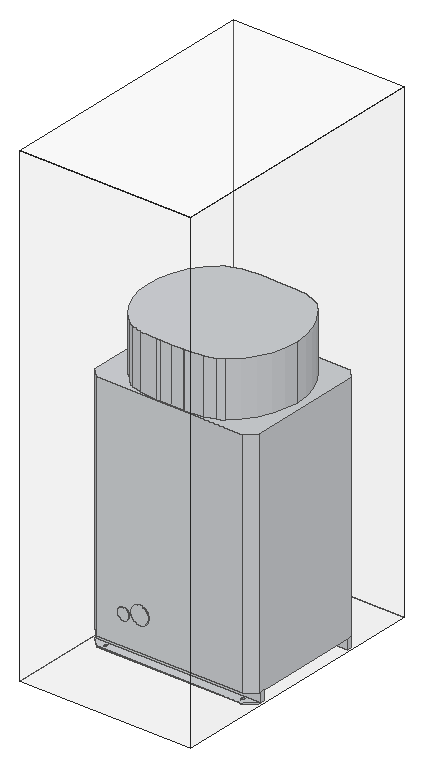
Revit family "室外機（高効率50Hz）_MEE修正", category 機械設備, Revit 2019 (continued)
Definition of nested family "筐体モジュール（高効率）"
  Lines and regions (mm)
    model lines, visible <- "ユニット234X", not visible, detail levels fine
      curve 237: line (460, -150.779, 1040.048) -> (460, -132.596, 1040.048)
      curve 238: line (460, -150.779, 818.931) -> (460, -150.779, 1040.048)
      curve 239: line (460, -132.596, 818.931) -> (460, -150.779, 818.931)
      curve 240: line (460, -132.596, 1040.048) -> (460, -132.596, 818.931)
      curve 241: line (460, 178.667, 802.923) -> (460, 297.73, 802.923)
      curve 242: line (460, 178.667, 569.8) -> (460, 178.667, 802.923)
      curve 243: line (460, 297.73, 569.8) -> (460, 178.667, 569.8)
      curve 244: line (460, 297.73, 802.923) -> (460, 297.73, 569.8)
      curve 245: line (460, 47.598, 802.923) -> (460, 166.661, 802.923)
      curve 246: line (460, 47.598, 569.8) -> (460, 47.598, 802.923)
      curve 247: line (460, 166.661, 569.8) -> (460, 47.598, 569.8)
      curve 248: line (460, 166.661, 802.923) -> (460, 166.661, 569.8)
      curve 249: line (460, -83.471, 802.923) -> (460, 35.592, 802.923)
      curve 250: line (460, -83.471, 569.8) -> (460, -83.471, 802.923)
      curve 251: line (460, 35.592, 569.8) -> (460, -83.471, 569.8)
      curve 252: line (460, 35.592, 802.923) -> (460, 35.592, 569.8)
      curve 253: line (460, -150.779, 802.923) -> (460, -95.75, 802.923)
      curve 254: line (460, -150.779, 569.8) -> (460, -150.779, 802.923)
      curve 255: line (460, -95.75, 569.8) -> (460, -150.779, 569.8)
      curve 256: line (460, -95.75, 802.923) -> (460, -95.75, 569.8)
      curve 257: line (460, -150.779, 796.92) -> (460, -132.596, 796.92)
      curve 258: line (460, -150.779, 575.803) -> (460, -150.779, 796.92)
      curve 259: line (460, -132.596, 575.803) -> (460, -150.779, 575.803)
      curve 260: line (460, -132.596, 796.92) -> (460, -132.596, 575.803)
      curve 261: line (460, 178.667, 559.795) -> (460, 297.73, 559.795)
      curve 262: line (460, 178.667, 326.672) -> (460, 178.667, 559.795)
      curve 263: line (460, 297.73, 326.672) -> (460, 178.667, 326.672)
      curve 264: line (460, 297.73, 559.795) -> (460, 297.73, 326.672)
      curve 265: line (460, 47.598, 559.795) -> (460, 166.661, 559.795)
      curve 266: line (460, 47.598, 326.672) -> (460, 47.598, 559.795)
      curve 267: line (460, 166.661, 326.672) -> (460, 47.598, 326.672)
      curve 268: line (460, 166.661, 559.795) -> (460, 166.661, 326.672)
      curve 269: line (460, -83.471, 559.795) -> (460, 35.592, 559.795)
      curve 270: line (460, -83.471, 326.672) -> (460, -83.471, 559.795)
      curve 271: line (460, 35.592, 326.672) -> (460, -83.471, 326.672)
      curve 272: line (460, 35.592, 559.795) -> (460, 35.592, 326.672)
      curve 273: line (460, -150.779, 559.795) -> (460, -95.75, 559.795)
      curve 274: line (460, -150.779, 326.672) -> (460, -150.779, 559.795)
      curve 275: line (460, -95.75, 326.672) -> (460, -150.779, 326.672)
      curve 276: line (460, -95.75, 559.795) -> (460, -95.75, 326.672)
      curve 277: line (460, -150.779, 553.792) -> (460, -132.596, 553.792)
      curve 278: line (460, -150.779, 332.675) -> (460, -150.779, 553.792)
      curve 279: line (460, -132.596, 332.675) -> (460, -150.779, 332.675)
      curve 280: line (460, -132.596, 553.792) -> (460, -132.596, 332.675)
      curve 281: line (460, 178.667, 316.667) -> (460, 297.73, 316.667)
      curve 282: line (460, 178.667, 83.544) -> (460, 178.667, 316.667)
      curve 283: line (460, 297.73, 83.544) -> (460, 178.667, 83.544)
      curve 284: line (460, 297.73, 316.667) -> (460, 297.73, 83.544)
      curve 285: line (460, 47.598, 316.667) -> (460, 166.661, 316.667)
      curve 286: line (460, 47.598, 83.544) -> (460, 47.598, 316.667)
      curve 287: line (460, 166.661, 83.544) -> (460, 47.598, 83.544)
      curve 288: line (460, 166.661, 316.667) -> (460, 166.661, 83.544)
      curve 289: line (460, -83.471, 316.667) -> (460, 35.592, 316.667)
      curve 290: line (460, -83.471, 83.544) -> (460, -83.471, 316.667)
      curve 291: line (460, 35.592, 83.544) -> (460, -83.471, 83.544)
      curve 292: line (460, 35.592, 316.667) -> (460, 35.592, 83.544)
      curve 293: line (460, -150.779, 316.667) -> (460, -95.75, 316.667)
      curve 294: line (460, -150.779, 83.544) -> (460, -150.779, 316.667)
      curve 295: line (460, -95.75, 83.544) -> (460, -150.779, 83.544)
      curve 296: line (460, -95.75, 316.667) -> (460, -95.75, 83.544)
      curve 297: line (460, -150.779, 310.664) -> (460, -132.596, 310.664)
      curve 298: line (460, -150.779, 89.547) -> (460, -150.779, 310.664)
      curve 299: line (460, -132.596, 89.547) -> (460, -150.779, 89.547)
      curve 300: line (460, -132.596, 310.664) -> (460, -132.596, 89.547)
    symbolic lines, visible <- "ユニット234X"
      curve 301: line (-408.343, 370, 0) -> (-460, 318.843, 0)
      curve 302: line (-460, 318.843, 0) -> (-460, -318.843, 0)
      curve 303: line (-460, -318.843, 0) -> (-408.343, -370, 0)
      curve 304: line (-408.343, -370, 0) -> (408.343, -370, 0)
      curve 305: line (408.343, -370, 0) -> (460, -318.843, 0)
      curve 306: line (460, -318.843, 0) -> (460, 318.843, 0)
      curve 307: line (460, 318.843, 0) -> (408.343, 370, 0)
      curve 308: line (408.343, 370, 0) -> (-408.343, 370, 0)
      curve 309: arc (-268.081, 316.106, 0) -> (-376.101, 174.18, 0) -> (-414.476, 0, 0) r 414.476
      curve 310: arc (-414.476, 0, 0) -> (-376.101, -174.18, 0) -> (-268.081, -316.106, 0) r 414.476
      curve 311: arc (-268.081, -316.106, 0) -> (-250.84, -327.278, 0) -> (-232.369, -336.274, 0) r 168.924
      curve 312: arc (-232.369, -336.274, 0) -> (-204.68, -346.28, 0) -> (-176.163, -353.601, 0) r 308.609
      curve 313: arc (-176.163, -353.601, 0) -> (-128.058, -361, 0) -> (-79.445, -363.367, 0) r 468.429
      curve 314: arc (-79.445, -363.367, 0) -> (-71.906, -363.425, 0) -> (-64.372, -363.142, 0) r 167.153
      curve 315: line (-64.372, -363.142, 0) -> (0, -363.142, 0)
      curve 316: line (0, -363.142, 0) -> (64.372, -363.142, 0)
      curve 317: arc (64.372, -363.142, 0) -> (71.906, -363.425, 0) -> (79.445, -363.367, 0) r 167.153
      curve 318: arc (79.445, -363.367, 0) -> (128.058, -361, 0) -> (176.163, -353.601, 0) r 468.429
      curve 319: arc (176.163, -353.601, 0) -> (204.68, -346.28, 0) -> (232.369, -336.274, 0) r 308.609
      curve 320: arc (232.369, -336.274, 0) -> (250.84, -327.278, 0) -> (268.081, -316.106, 0) r 168.924
      curve 321: arc (268.081, -316.106, 0) -> (376.101, -174.18, 0) -> (414.476, 0, 0) r 414.476
      curve 322: arc (414.476, 0, 0) -> (376.101, 174.18, 0) -> (268.082, 316.106, 0) r 414.476
      curve 323: arc (268.082, 316.106, 0) -> (250.84, 327.278, 0) -> (232.369, 336.274, 0) r 168.924
      curve 324: arc (232.369, 336.274, 0) -> (204.68, 346.28, 0) -> (176.163, 353.601, 0) r 308.609
      curve 325: arc (176.163, 353.601, 0) -> (128.058, 361, 0) -> (79.445, 363.367, 0) r 468.429
      curve 326: line (79.445, 363.367, 0) -> (0, 363.367, 0)
      curve 327: line (0, 363.367, 0) -> (-79.445, 363.367, 0)
      curve 328: arc (-79.445, 363.367, 0) -> (-128.058, 361, 0) -> (-176.163, 353.601, 0) r 468.429
      curve 329: arc (-176.163, 353.601, 0) -> (-204.68, 346.28, 0) -> (-232.369, 336.274, 0) r 308.609
      curve 330: arc (-232.369, 336.274, 0) -> (-250.974, 327.516, 0) -> (-268.081, 316.106, 0) r 138.853
  Dimensions and locks
    "Depth": plane 4 to plane 6
    equal spacing: plane 4, plane 1 "中心(正面/背面)", plane 6
    "W": plane 7 to plane 5
    equal spacing: plane 7, plane 3 "中心(左/右)", plane 5
    locked: plane 12 "本体下部" to plane 2 at 54
    plane 4 to plane 10 to plane 11 to plane 15 to plane 14 to plane 13 = 57 mm locked, 20 mm locked, 586 mm locked, 20 mm locked, 57 mm locked
    locked: plane 13 to plane 16 at 29.5
    locked: plane 4 to plane 19 at 29.5
    "冷媒液_Z": plane 20 "電源高さ" to level
    plane 9 to plane 8 = 303 mm
    plane 8 to plane 2 = 1347 mm
    "Height": plane 9 to plane 2
    "冷媒管径_Z": level to plane 24 "冷媒管高さ"
    locked: plane 7 to plane 17 at 80
    locked: plane 18 to plane 5 at 80
    locked: plane 12 "本体下部" to plane 25 "冷媒操作弁ガス芯4" at 1
    plane 19 to plane 10 to plane 11 = 27.5 mm, 20 mm
    plane 8 to level = 1347 mm
    equal spacing: plane 26, plane 3 "中心(左/右)", plane 27
    "Width": plane 26 to plane 27
    "冷媒ガス_X": plane 22 "冷媒操作弁液芯1" to plane 23 "冷媒操作弁ガス芯1"
    "冷媒液_X": plane 26 to plane 22 "冷媒操作弁液芯1"
    plane 16 to plane 14 to plane 15 = 27.5 mm, 20 mm
    "冷媒液_Y": plane 4 to plane 29
    "冷媒ガス_Y": plane 4 to plane 28
    "冷媒管径_X": plane 26 to plane 21
    "冷媒ガス_Z": plane 30 to level
    "冷媒管径_Y": plane 4 to plane 31
    "冷媒ガス管径": diameter of Extrusion 10 sketch curve
    "冷媒液管径": diameter of Extrusion 9 sketch curve
    "冷媒管径": diameter of Extrusion 8 sketch curve
    "冷媒管径": diameter of Extrusion 6 sketch curve
    aligned and locked: plane 5 to Extrusion 1
    aligned and locked: Extrusion 1 to plane 7
    aligned and locked: Extrusion 1 to plane 6
    aligned and locked: plane 4 to Extrusion 1
    aligned and locked: curve 103 to plane 7
    aligned and locked: curve 3 to plane 5
    aligned and locked: plane 11 to Extrusion 2 sketch curve
    aligned and locked: plane 7 to Extrusion 2 sketch curve
    aligned and locked: Extrusion 2 sketch curve to plane 10
    aligned and locked: Extrusion 2 sketch curve to plane 5
    aligned and locked: plane 13 to Extrusion 4
    aligned and locked: Extrusion 4 to plane 14
    aligned and locked: Extrusion 1 to plane 12 "本体下部"
    aligned and locked: plane 12 "本体下部" to Extrusion 1  (x2)
    aligned and locked: plane 8 to Extrusion 1
    aligned and locked: Extrusion 4 sketch curve to Extrusion 1  (x2)
    aligned and locked: plane 4 to Extrusion 5
    aligned and locked: plane 10 to Extrusion 2
    aligned and locked: plane 3 "中心(左/右)" to Extrusion 7 sketch curve
    aligned and locked: plane 12 "本体下部" to Extrusion 8
    aligned and locked: Extrusion 9 to plane 25 "冷媒操作弁ガス芯4"
    aligned and locked: plane 12 "本体下部" to Extrusion 9
    aligned and locked: plane 12 "本体下部" to Extrusion 10
    aligned and locked: Extrusion 9 to Extrusion 10
    aligned and locked: Extrusion 8 to Extrusion 9
    aligned and locked: plane 23 "冷媒操作弁ガス芯1" to Extrusion 10 sketch curve
    aligned and locked: plane 21 to Extrusion 8 sketch curve
    aligned and locked: plane 22 "冷媒操作弁液芯1" to Extrusion 9 sketch curve
    aligned and locked: plane 28 to Extrusion 10 sketch curve
    aligned and locked: plane 29 to Extrusion 9 sketch curve
    aligned and locked: plane 24 "冷媒管高さ" to Extrusion 6 sketch curve
    aligned and locked: plane 21 to Extrusion 6 sketch curve
    aligned and locked: plane 31 to Extrusion 8 sketch curve
    aligned and locked: plane 17 to nested 1
    aligned and locked: plane 16 to nested 1
    aligned and locked: nested 1 to plane 18
    aligned and locked: nested 1 to plane 19
    aligned and locked: Masking region 1 sketch curve to Extrusion 1  (x8)
    aligned and locked: curve 301 to Masking region 1
    aligned and locked: curve 302 to Masking region 1
    aligned and locked: curve 303 to Masking region 1
    aligned and locked: curve 304 to Masking region 1
    aligned and locked: curve 305 to Masking region 1
    aligned and locked: curve 306 to Masking region 1
    aligned and locked: curve 307 to Masking region 1
    aligned and locked: curve 308 to Masking region 1
    aligned and locked: curve 309 to Extrusion 7
    aligned and locked: curve 310 to Extrusion 7
    aligned and locked: curve 311 to Extrusion 7
    aligned and locked: curve 312 to Extrusion 7
    aligned and locked: curve 313 to Extrusion 7
    aligned and locked: curve 314 to Extrusion 7
    aligned and locked: curve 315 to Extrusion 7
    aligned and locked: curve 316 to Extrusion 7
    aligned and locked: curve 317 to Extrusion 7
    aligned and locked: curve 318 to Extrusion 7
    aligned and locked: curve 319 to Extrusion 7
    aligned and locked: curve 320 to Extrusion 7
    aligned and locked: curve 321 to Extrusion 7
    aligned and locked: curve 322 to Extrusion 7
    aligned and locked: curve 323 to Extrusion 7
    aligned and locked: curve 324 to Extrusion 7
    aligned and locked: curve 325 to Extrusion 7
    aligned and locked: curve 326 to Extrusion 7
    aligned and locked: curve 327 to Extrusion 7
    aligned and locked: curve 328 to Extrusion 7
    aligned and locked: curve 329 to Extrusion 7
    aligned and locked: curve 330 to Extrusion 7
  Automatic sketch dimensions
    Extrusion 1 sketch curve to plane 7 = 0 mm
    plane 6 to Extrusion 1 sketch curve = 0 mm
    plane 4 to Extrusion 1 sketch curve = 0 mm
    Extrusion 1 sketch curve to plane 5 = 0 mm
    plane 10 to Extrusion 1 sketch curve = 5.843 mm  (x2)
    plane 14 to Extrusion 1 sketch curve = 5.843 mm  (x2)
    Extrusion 3 sketch curve to plane 7 = 0 mm
    Extrusion 3 sketch curve to plane 5 = 0 mm
    Extrusion 3 sketch curve to plane 14 = 0 mm
    Extrusion 3 sketch curve to plane 15 = 0 mm
    Extrusion 4 sketch curve to plane 7 = 0 mm
    plane 6 to Extrusion 4 sketch curve = 0 mm
    Extrusion 4 sketch curve to plane 17 = 0 mm
    Extrusion 4 sketch curve to plane 18 = 0 mm
    Extrusion 4 sketch curve to plane 5 = 0 mm
    Extrusion 4 sketch curve to plane 14 = 0 mm
    Extrusion 4 sketch curve to plane 16 = 3 mm  (x2)
    plane 17 to Extrusion 4 sketch curve = 7 mm
    Extrusion 4 sketch curve to plane 18 = 7 mm
    plane 16 to Extrusion 4 sketch curve = 3 mm  (x2)
    Extrusion 5 sketch curve to plane 7 = 0 mm
    plane 4 to Extrusion 5 sketch curve = 0 mm
    Extrusion 5 sketch curve to plane 17 = 0 mm
    Extrusion 5 sketch curve to plane 18 = 0 mm
    Extrusion 5 sketch curve to plane 5 = 0 mm
    plane 10 to Extrusion 5 sketch curve = 0 mm
    plane 19 to Extrusion 5 sketch curve = 3 mm  (x2)
    Extrusion 5 sketch curve to plane 17 = 7 mm
    plane 18 to Extrusion 5 sketch curve = 7 mm
    Extrusion 5 sketch curve to plane 19 = 3 mm  (x2)
    plane 10 to Extrusion 5 sketch curve = 5.843 mm  (x2)
    Extrusion 1 sketch curve to plane 17 = 28.343 mm  (x2)
    Extrusion 5 sketch curve to plane 17 = 28.343 mm
    Extrusion 1 sketch curve to plane 18 = 28.343 mm  (x2)
    Extrusion 5 sketch curve to plane 18 = 28.343 mm
    Extrusion 7 sketch curve to Extrusion 7 sketch curve = 0 mm  (x3)
    plane 1 "中心(正面/背面)" to Extrusion 7 sketch curve = 0 mm  (x2)
    Extrusion 7 sketch curve to plane 3 "中心(左/右)" = 0 mm  (x3)
    Extrusion 7 sketch curve to plane 4 = 6.858 mm
    Extrusion 7 sketch curve to plane 3 "中心(左/右)" = 64.372 mm
    Extrusion 7 sketch curve to plane 3 "中心(左/右)" = 74.399 mm
    plane 6 to Extrusion 7 sketch curve = 6.633 mm
    Extrusion 7 sketch curve to plane 3 "中心(左/右)" = 79.445 mm
    Extrusion 7 sketch curve to plane 3 "中心(左/右)" = 80.998 mm  (x2)
    Extrusion 7 sketch curve to Extrusion 7 sketch curve = 64.372 mm
    plane 3 "中心(左/右)" to Extrusion 7 sketch curve = 74.399 mm
    Extrusion 7 sketch curve to Extrusion 7 sketch curve = 79.445 mm
    plane 3 "中心(左/右)" to Extrusion 7 sketch curve = 80.998 mm  (x2)
    Extrusion 7 sketch curve to Extrusion 7 sketch curve = 32.763 mm  (x4)
    Extrusion 7 sketch curve to Extrusion 7 sketch curve = 86.775 mm
    Extrusion 7 sketch curve to Extrusion 7 sketch curve = 93.374 mm  (x2)
    Extrusion 7 sketch curve to Extrusion 7 sketch curve = 91.232 mm  (x2)
    plane 1 "中心(正面/背面)" to Extrusion 7 sketch curve = 51.367 mm  (x2)
    Extrusion 7 sketch curve to plane 1 "中心(正面/背面)" = 51.367 mm  (x2)
    Extrusion 7 sketch curve to Extrusion 7 sketch curve = 53.692 mm  (x2)
    Extrusion 7 sketch curve to Extrusion 7 sketch curve = 75.129 mm
    Extrusion 7 sketch curve to Extrusion 7 sketch curve = 101.551 mm
    Extrusion 7 sketch curve to plane 4 = 6.633 mm  (x2)
    Extrusion 7 sketch curve to plane 19 = 4.226 mm  (x2)
    Extrusion 7 sketch curve to plane 16 = 4.226 mm  (x2)
    plane 14 to Extrusion 7 sketch curve = 3.106 mm
    plane 16 to Extrusion 7 sketch curve = 13.101 mm  (x2)
    plane 19 to Extrusion 7 sketch curve = 13.101 mm  (x2)
    plane 10 to Extrusion 7 sketch curve = 3.106 mm
    Extrusion 7 sketch curve to Extrusion 7 sketch curve = 101.697 mm
    Extrusion 7 sketch curve to Extrusion 7 sketch curve = 16.103 mm  (x2)
    Extrusion 7 sketch curve to plane 11 = 96.709 mm
    curve 326 to plane 3 "中心(左/右)" = 0 mm
    curve 315 to plane 3 "中心(左/右)" = 0 mm
  Nested families
    nested 1: "固定点" at (-380, -340.5, 0), visible <- "ユニット234X", type "固定点", detail levels fine
      with W 760 mm, D 681 mm
  Definition of nested family "固定点"
    Parameters (values of type "固定点")
      中心円 = 20 mm
      W [instance] = 1000 mm
      D [instance] = 1000 mm
    Reference planes
      plane 1 "中心(正面/背面)": y = 0
      plane 2: z = 0
      plane 3 "中心(左/右)": x = 0
      plane 4: x = 1000
      plane 5: y = 1000
    Lines and regions (mm)
      symbolic lines, detail levels fine
        curve 1: circle (0, 1000, 0) r 10 normal (0, 0, 1)
        curve 2: circle (0, 0, 0) r 10 normal (0, 0, 1)
        curve 3: circle (1000, 1000, 0) r 10 normal (0, 0, 1)
        curve 4: circle (1000, 0, 0) r 10 normal (0, 0, 1)
        curve 5: line (-200, 1000, 0) -> (1200, 1000, 0)
        curve 6: line (-200, 0, 0) -> (1200, 0, 0)
        curve 7: line (0, 1200, 0) -> (0, -200, 0)
        curve 8: line (1000, 1200, 0) -> (1000, -200, 0)
    Dimensions and locks
      "W": plane 3 "中心(左/右)" to plane 4
      "D": plane 1 "中心(正面/背面)" to plane 5
      "中心円": diameter of curve 1
      "中心円": diameter of curve 2
      "中心円": diameter of curve 3
      "中心円": diameter of curve 4
      aligned and locked: level to plane 2
      aligned and locked: plane 5 to curve 1
      aligned and locked: plane 3 "中心(左/右)" to curve 1
      aligned and locked: plane 3 "中心(左/右)" to curve 2
      aligned and locked: plane 1 "中心(正面/背面)" to curve 2
      aligned and locked: plane 4 to curve 3
      aligned and locked: plane 5 to curve 3
      aligned and locked: plane 1 "中心(正面/背面)" to curve 4
      aligned and locked: plane 4 to curve 4
      aligned and locked: plane 1 "中心(正面/背面)" to curve 6
      aligned and locked: curve 7 to plane 3 "中心(左/右)"
      aligned and locked: curve 8 to plane 4
    Automatic sketch dimensions
      curve 5 to plane 5 = 0 mm
      curve 6 to plane 3 "中心(左/右)" = 200 mm
      curve 5 to plane 3 "中心(左/右)" = 200 mm
      curve 4 to curve 6 = 200 mm
      curve 3 to curve 5 = 200 mm
      plane 1 "中心(正面/背面)" to curve 8 = 200 mm
      plane 1 "中心(正面/背面)" to curve 7 = 200 mm
      curve 3 to curve 8 = 200 mm
      curve 1 to curve 7 = 200 mm
Types (45, lengths in mm): name | 風量（m3／min） | 風量 | 音響パワーレベル(dB) | 電源位置2X（ユニット3） | 電源位置2X（ユニット2） | 電源位置2X（ユニット1） | 電源位置1X（ユニット3） | 電源位置1X（ユニット2） | 電源位置1X（ユニット1） | 電動機出力_送風機 | 電動機出力_圧縮機 | 消費電力_暖房 | 消費電力_冷房 | 消費電力 | 最小電線太さ_mm2 | 暖房能力 | 推奨ブレーカー容量 | 参照している仕様書等のバージョン | 冷房能力 | 冷媒管（液）位置2 (ユニット3) | 冷媒管（液）位置2 (ユニット2) | 冷媒管（液）位置1 (ユニット3） | 冷媒管（ガス）位置2 (ユニット3) | 冷媒管（ガス）位置2 (ユニット2) | 冷媒管（液）位置1 (ユニット1) | 冷媒管（液）位置2 (ユニット1) | 冷媒管（ガス）位置2 (ユニット1) | 冷媒管（液）位置1 (ユニット2） | 冷媒管径符号 | 冷媒管位置3 (ユニット3) | 冷媒管位置3 (ユニット2) | 冷媒管位置3 (ユニット1) | 冷媒管位置2 (ユニット3) | 冷媒管位置2 (ユニット2) | 冷媒管位置1 (ユニット2) | 冷媒管位置2 (ユニット1) | 冷媒管位置1 (ユニット3) | 冷媒管位置1 (ユニット1) | 冷媒液管径3 | 冷媒液管径2 | 冷媒液管径 | 冷媒ガス管径3 | 冷媒ガス管径2 | 冷媒ガス管径 | ユニット隙間 | ユニット数 | ユニットタイプ3 | ユニットタイプ2 | ユニットタイプ1 | ユニット3 | ユニット2 | モデル | サービススペース_タイプA | アンカーボルト位置X（ユニット3） | アンカーボルト位置X（ユニット2） | アンカーボルト位置X（ユニット1） | Width3 | Width2 | Width1 | Width | URL | MAX風量 | Clearance Right | Clearance Left | Clearance Back | APF
  (no name) | 165 | 9900.0 m³/h | 76.5 | 177 | 177 | 177 | 201 | 201 | 201 | 0.35 kW | 5.24 kW | 6.4 kW | 6.46 kW | 6.46 kW | 8 | 25 kW | 100 A | "公共建築工事標準仕様書（機械設備工事編）平成31年度版" | 22.4 kW | 147 | 147 | 251 | 137 | 137 | 251 | 147 | 137 | 251 | "Be" | 242 | 242 | 242 | 142 | 142 | 292.5 | 142 | 292.5 | 292.5 | 9.52 | 9.52 | 9.52 | 19.05 | 19.05 | 19.05 | 30 | 1 | 筐体モジュール（高効率） : 224筐体 | 筐体モジュール（高効率） : 224筐体 | 筐体モジュール（高効率） : 224筐体 | no | no | "PUHY-P224DMG7" | yes | 760 | 760 | 760 | 920 | 920 | 920 | 920 | "https://www.mitsubishielectric.co.jp/ldg/wink/ssl/displayProduct.do?pid=307651" | 9900.0 m³/h | 15 | 15 | 300 | 5.5
  PUHY-P224DMG7_タイプA | 165 | 9900.0 m³/h | 76.5 | 177 | 177 | 177 | 201 | 201 | 201 | 0.35 kW | 5.24 kW | 6.4 kW | 6.46 kW | 6.46 kW | 8 | 25 kW | 100 A | "公共建築工事標準仕様書（機械設備工事編）平成31年度版" | 22.4 kW | 147 | 147 | 251 | 137 | 137 | 251 | 147 | 137 | 251 | "Be" | 242 | 242 | 242 | 142 | 142 | 292.5 | 142 | 292.5 | 292.5 | 9.52 | 9.52 | 9.52 | 19.05 | 19.05 | 19.05 | 30 | 1 | 筐体モジュール（高効率） : 224筐体 | 筐体モジュール（高効率） : 224筐体 | 筐体モジュール（高効率） : 224筐体 | no | no | "PUHY-P224DMG7" | yes | 760 | 760 | 760 | 920 | 920 | 920 | 920 | "https://www.mitsubishielectric.co.jp/ldg/wink/ssl/displayProduct.do?pid=307651" | 9900.0 m³/h | 15 | 15 | 300 | 5.5
  PUHY-P280DMG7_タイプA | 185 | 11100.0 m³/h | 80.5 | 177 | 177 | 177 | 201 | 201 | 201 | 0.46 kW | 7.47 kW | 8.6 kW | 9.33 kW | 9.33 kW | 14 | 31.5 kW | 100 A | "公共建築工事標準仕様書（機械設備工事編）平成31年度版" | 28 kW | 147 | 147 | 251 | 145 | 145 | 251 | 147 | 145 | 251 | "Bf" | 197 | 197 | 197 | 146 | 146 | 292.5 | 146 | 292.5 | 292.5 | 9.52 | 9.52 | 9.52 | 22.20 | 22.20 | 22.20 | 30 | 1 | 筐体モジュール（高効率） : 280筐体 | 筐体モジュール（高効率） : 280筐体 | 筐体モジュール（高効率） : 280筐体 | no | no | "PUHY-P280DMG7" | yes | 760 | 760 | 760 | 920 | 920 | 920 | 920 | "https://www.mitsubishielectric.co.jp/ldg/wink/ssl/displayProduct.do?pid=307654" | 11100.0 m³/h | 15 | 15 | 300 | 5.3
  PUHY-P335DMG7_タイプA | 185 | 11100.0 m³/h | 81 | 177 | 177 | 177 | 201 | 201 | 201 | 0.46 kW | 8.19 kW | 10 kW | 9.65 kW | 10 kW | 22 | 37.5 kW | 125 A | "公共建築工事標準仕様書（機械設備工事編）平成31年度版" | 33.5 kW | 143 | 143 | 251 | 145 | 145 | 251 | 143 | 145 | 251 | "Bf" | 197.5 | 197.5 | 197.5 | 144 | 144 | 292.5 | 144 | 292.5 | 292.5 | 9.52 | 9.52 | 9.52 | 22.20 | 22.20 | 22.20 | 30 | 1 | 筐体モジュール（高効率） : 335筐体 | 筐体モジュール（高効率） : 335筐体 | 筐体モジュール（高効率） : 335筐体 | no | no | "PUHY-P335DMG7" | yes | 760 | 760 | 760 | 920 | 920 | 920 | 920 | "https://www.mitsubishielectric.co.jp/ldg/wink/ssl/displayProduct.do?pid=307657" | 11100.0 m³/h | 15 | 15 | 300 | 5.6
  PUHY-P400DMG7_タイプA | 210 | 12600.0 m³/h | 82.5 | 227 | 227 | 227 | 251 | 251 | 251 | 0.46 kW | 10.7 kW | 12.7 kW | 12.7 kW | 12.7 kW | 22 | 45 kW | 125 A | "公共建築工事標準仕様書（機械設備工事編）平成31年度版" | 40 kW | 143 | 143 | 301 | 145 | 145 | 301 | 143 | 145 | 301 | "Cg" | 197.5 | 197.5 | 197.5 | 144 | 144 | 342.5 | 144 | 342.5 | 342.5 | 12.70 | 12.70 | 12.70 | 25.40 | 25.40 | 25.40 | 30 | 1 | 筐体モジュール（高効率） : 400筐体 | 筐体モジュール（高効率） : 400筐体 | 筐体モジュール（高効率） : 400筐体 | no | no | "PUHY-P400DMG7" | yes | 1060 | 1060 | 1060 | 1220 | 1220 | 1220 | 1220 | "https://www.mitsubishielectric.co.jp/ldg/wink/ssl/displayProduct.do?pid=307660" | 12600.0 m³/h | 15 | 15 | 300 | 5.5
  PUHY-P450DMG7_タイプA | 210 | 12600.0 m³/h | 86 | 227 | 227 | 227 | 251 | 251 | 251 | 0.65 kW | 13.6 kW | 12.2 kW | 16.9 kW | 16.9 kW | 38 | 45 kW | 125 A | "公共建築工事標準仕様書（機械設備工事編）平成31年度版" | 45 kW | 144 | 144 | 301 | 145 | 145 | 301 | 144 | 145 | 301 | "Ch" | 205 | 205 | 205 | 144.5 | 144.5 | 342.5 | 144.5 | 342.5 | 342.5 | 12.70 | 12.70 | 12.70 | 28.58 | 28.58 | 28.58 | 30 | 1 | 筐体モジュール（高効率） : 450筐体 | 筐体モジュール（高効率） : 450筐体 | 筐体モジュール（高効率） : 450筐体 | no | no | "PUHY-P450DMG7" | yes | 1060 | 1060 | 1060 | 1220 | 1220 | 1220 | 1220 | "https://www.mitsubishielectric.co.jp/ldg/wink/ssl/displayProduct.do?pid=307663" | 12600.0 m³/h | 15 | 15 | 300 | 5.4
  PUHY-P500DMG7_タイプA | 360 | 21600.0 m³/h | 85.5 | 516 | 516 | 516 | 541 | 541 | 541 | 0.92 kW | 15.2 kW | 15.4 kW | 18.5 kW | 18.5 kW | 38 | 56 kW | 150 A | "公共建築工事標準仕様書（機械設備工事編）平成31年度版" | 50 kW | 147 | 147 | 251 | 137 | 137 | 590 | 144 | 145 | 251 | "Dh" | 242 | 242 | 205 | 142 | 142 | 292.5 | 144.5 | 292.5 | 631.5 | 9.52 | 9.52 | 15.88 | 19.05 | 19.05 | 28.58 | 30 | 1 | 筐体モジュール（高効率） : 224筐体 | 筐体モジュール（高効率） : 224筐体 | 筐体モジュール.（高効率） : 500筐体 | no | no | "PUHY-P500DMG7" | yes | 795 | 795 | 795 | 920 | 920 | 1750 | 1750 | "https://www.mitsubishielectric.co.jp/ldg/wink/ssl/displayProduct.do?pid=307666" | 21600.0 m³/h | 15 | 15 | 300 | 5
  PUHY-P560DMG7_タイプA | 380 | 22800.0 m³/h | 85.5 | 516 | 516 | 516 | 541 | 541 | 541 | 1.1 kW | 16.5 kW | 18.2 kW | 20.3 kW | 20.3 kW | 38 | 63 kW | 150 A | "公共建築工事標準仕様書（機械設備工事編）平成31年度版" | 56 kW | 147 | 147 | 251 | 137 | 137 | 590 | 144 | 145 | 251 | "Dh" | 242 | 242 | 205 | 142 | 142 | 292.5 | 144.5 | 292.5 | 631.5 | 9.52 | 9.52 | 15.88 | 19.05 | 19.05 | 28.58 | 30 | 1 | 筐体モジュール（高効率） : 224筐体 | 筐体モジュール（高効率） : 224筐体 | 筐体モジュール.（高効率） : 560筐体 | no | no | "PUHY-P560DMG7" | yes | 795 | 795 | 795 | 920 | 920 | 1750 | 1750 | "https://www.mitsubishielectric.co.jp/ldg/wink/ssl/displayProduct.do?pid=307669" | 22800.0 m³/h | 15 | 15 | 300 | 4.7
  PUHY-P630DMG7_タイプA | 370 | 22200.0 m³/h | 84 | 177 | 177 | 177 | 201 | 201 | 201 | 0.92 kW | 15.66 kW | 8.7 kW | 20 kW | 20 kW | 38 | 69 kW | 150 A | "公共建築工事標準仕様書（機械設備工事編）平成31年度版" | 63 kW | 147 | 147 | 251 | 145 | 145 | 251 | 143 | 145 | 251 | "Dh" | 197 | 197 | 197.5 | 146 | 146 | 292.5 | 144 | 292.5 | 292.5 | 9.52 | 9.52 | 12.70 | 22.20 | 22.20 | 25.40 | 30 | 2 | 筐体モジュール（高効率） : 280筐体 | 筐体モジュール（高効率） : 280筐体 | 筐体モジュール（高効率） : 335筐体 | no | yes | "PUHY-P630DMG7" | yes | 760 | 760 | 760 | 920 | 920 | 920 | 1870 | "https://www.mitsubishielectric.co.jp/ldg/wink/ssl/displayProduct.do?pid=307672" | 22200.0 m³/h | 15 | 15 | 300 | 5.5
  PUHY-P670DMG7_タイプA | 370 | 22200.0 m³/h | 84 | 177 | 177 | 177 | 201 | 201 | 201 | 0.92 kW | 16.38 kW | 21.2 kW | 19.8 kW | 21.2 kW | 60 | 77.5 kW | 150 A | "公共建築工事標準仕様書（機械設備工事編）平成31年度版" | 67 kW | 143 | 143 | 251 | 145 | 145 | 251 | 143 | 145 | 251 | "Dh" | 197.5 | 197.5 | 197.5 | 144 | 144 | 292.5 | 144 | 292.5 | 292.5 | 12.70 | 12.70 | 12.70 | 25.40 | 25.40 | 25.40 | 30 | 2 | 筐体モジュール（高効率） : 335筐体 | 筐体モジュール（高効率） : 335筐体 | 筐体モジュール（高効率） : 335筐体 | no | yes | "PUHY-P670DMG7" | yes | 760 | 760 | 760 | 920 | 920 | 920 | 1870 | "https://www.mitsubishielectric.co.jp/ldg/wink/ssl/displayProduct.do?pid=307674" | 22200.0 m³/h | 15 | 15 | 300 | 5.6
  PUHY-P730DMG7_タイプA | 395 | 23700.0 m³/h | 85 | 177 | 177 | 227 | 201 | 201 | 251 | 0.92 kW | 18.89 kW | 23.3 kW | 22.7 kW | 23.3 kW | 60 | 82.5 kW | 175 A | "公共建築工事標準仕様書（機械設備工事編）平成31年度版" | 73 kW | 143 | 143 | 251 | 145 | 145 | 301 | 143 | 145 | 251 | "Dh" | 197.5 | 197.5 | 197.5 | 144 | 144 | 292.5 | 144 | 292.5 | 342.5 | 12.70 | 12.70 | 12.70 | 25.40 | 25.40 | 25.40 | 30 | 2 | 筐体モジュール（高効率） : 335筐体 | 筐体モジュール（高効率） : 335筐体 | 筐体モジュール（高効率） : 400筐体 | no | yes | "PUHY-P730DMG7" | yes | 760 | 760 | 1060 | 920 | 920 | 1220 | 2170 | "https://www.mitsubishielectric.co.jp/ldg/wink/ssl/displayProduct.do?pid=307618" | 23700.0 m³/h | 15 | 15 | 300 | 5.6
  PUHY-P775DMG7_タイプA | 420 | 25200.0 m³/h | 85.5 | 227 | 227 | 227 | 251 | 251 | 251 | 0.92 kW | 21.4 kW | 26.4 kW | 25.5 kW | 26.4 kW | 60 | 90 kW | 175 A | "公共建築工事標準仕様書（機械設備工事編）平成31年度版" | 77.5 kW | 143 | 143 | 301 | 145 | 145 | 301 | 143 | 145 | 301 | "Ei" | 197.5 | 197.5 | 197.5 | 144 | 144 | 342.5 | 144 | 342.5 | 342.5 | 12.70 | 12.70 | 12.70 | 25.40 | 25.40 | 25.40 | 30 | 2 | 筐体モジュール（高効率） : 400筐体 | 筐体モジュール（高効率） : 400筐体 | 筐体モジュール（高効率） : 400筐体 | no | yes | "PUHY-P775DMG7" | yes | 1060 | 1060 | 1060 | 1220 | 1220 | 1220 | 2470 | "https://www.mitsubishielectric.co.jp/ldg/wink/ssl/displayProduct.do?pid=307621" | 25200.0 m³/h | 15 | 15 | 300 | 5.5
  PUHY-P850DMG7_タイプA | 440 | 26400.0 m³/h | 88.5 | 227 | 227 | 227 | 251 | 251 | 251 | 1.11 kW | 24.3 kW | 27.2 kW | 30.4 kW | 30.4 kW | 100 | 95 kW | 175 A | "公共建築工事標準仕様書（機械設備工事編）平成31年度版" | 85 kW | 143 | 143 | 301 | 145 | 145 | 301 | 144 | 145 | 301 | "Ei" | 197.5 | 197.5 | 205 | 144 | 144 | 342.5 | 144.5 | 342.5 | 342.5 | 12.70 | 12.70 | 15.88 | 25.40 | 25.40 | 28.58 | 30 | 2 | 筐体モジュール（高効率） : 400筐体 | 筐体モジュール（高効率） : 400筐体 | 筐体モジュール（高効率） : 450筐体 | no | yes | "PUHY-P850DMG7" | yes | 1060 | 1060 | 1060 | 1220 | 1220 | 1220 | 2470 | "https://www.mitsubishielectric.co.jp/ldg/wink/ssl/displayProduct.do?pid=307624" | 26400.0 m³/h | 15 | 15 | 300 | 5.5
  PUHY-P900DMG7_タイプA | 460 | 27600.0 m³/h | 90 | 227 | 227 | 227 | 251 | 251 | 251 | 1.3 kW | 27.2 kW | 27.9 kW | 34.8 kW | 34.8 kW | 100 | 100 kW | 175 A | "公共建築工事標準仕様書（機械設備工事編）平成31年度版" | 90 kW | 144 | 144 | 301 | 145 | 145 | 301 | 144 | 145 | 301 | "Ei" | 205 | 205 | 205 | 144.5 | 144.5 | 342.5 | 144.5 | 342.5 | 342.5 | 15.88 | 15.88 | 15.88 | 28.58 | 28.58 | 28.58 | 30 | 2 | 筐体モジュール（高効率） : 450筐体 | 筐体モジュール（高効率） : 450筐体 | 筐体モジュール（高効率） : 450筐体 | no | yes | "PUHY-P900DMG7" | yes | 1060 | 1060 | 1060 | 1220 | 1220 | 1220 | 2470 | "https://www.mitsubishielectric.co.jp/ldg/wink/ssl/displayProduct.do?pid=307627" | 27600.0 m³/h | 15 | 15 | 300 | 5.4
  PUHY-P950DMG7_タイプA | 590 | 35400.0 m³/h | 89.5 | 227 | 227 | 516 | 251 | 251 | 541 | 1.57 kW | 28.8 kW | 29.7 kW | 36.4 kW | 36.4 kW | 100 | 106 kW | 175 A | "公共建築工事標準仕様書（機械設備工事編）平成31年度版" | 95 kW | 144 | 144 | 301 | 145 | 145 | 590 | 144 | 145 | 301 | "Ek" | 205 | 205 | 205 | 144.5 | 144.5 | 342.5 | 144.5 | 342.5 | 631.5 | 15.88 | 15.88 | 15.88 | 28.58 | 28.58 | 28.58 | 30 | 2 | 筐体モジュール（高効率） : 450筐体 | 筐体モジュール（高効率） : 450筐体 | 筐体モジュール.（高効率） : 500筐体 | no | yes | "PUHY-P950DMG7" | yes | 1060 | 1060 | 795 | 1220 | 1220 | 1750 | 3000 | "https://www.mitsubishielectric.co.jp/ldg/wink/ssl/displayProduct.do?pid=307630" | 35400.0 m³/h | 15 | 15 | 300 | 5.2
  PUHY-P1000DMG7_タイプA | 720 | 43200.0 m³/h | 88.5 | 177 | 516 | 516 | 201 | 541 | 541 | 1.84 kW | 30.4 kW | 30.2 kW | 36.6 kW | 36.6 kW | 100 | 112 kW | 0 A | "公共建築物標準仕様書（機械設備工事編）平成31年度版" | 100 kW | 147 | 144 | 251 | 137 | 145 | 590 | 144 | 145 | 590 | "Ei" | 242 | 205 | 205 | 142 | 144.5 | 631.5 | 144.5 | 292.5 | 631.5 | 9.52 | 15.88 | 15.88 | 19.05 | 28.58 | 28.58 | 30 | 2 | 筐体モジュール（高効率） : 224筐体 | 筐体モジュール.（高効率） : 500筐体 | 筐体モジュール.（高効率） : 500筐体 | no | yes | "PUHY-P1000DMG7" | yes | 760 | 795 | 795 | 920 | 1750 | 1750 | 3530 | "https://www.mitsubishielectric.co.jp/ldg/wink/ssl/displayProduct.do?pid=307495" | 43200.0 m³/h | 15 | 15 | 300 | 5
  PUHY-P1060DMG7_タイプA | 600 | 36000.0 m³/h | 89 | 177 | 177 | 227 | 201 | 201 | 251 | 1.57 kW | 29.26 kW | 32.4 kW | 36.4 kW | 36.4 kW | 100 | 118 kW | 0 A | "公共建築物標準仕様書（機械設備工事編）平成31年度版" | 106 kW | 147 | 143 | 251 | 145 | 145 | 301 | 144 | 145 | 251 | "Ei" | 197 | 197.5 | 205 | 146 | 144 | 292.5 | 144.5 | 292.5 | 342.5 | 9.52 | 12.70 | 15.88 | 22.20 | 25.40 | 28.58 | 30 | 3 | 筐体モジュール（高効率） : 280筐体 | 筐体モジュール（高効率） : 335筐体 | 筐体モジュール（高効率） : 450筐体 | yes | yes | "PUHY-P1060DMG7" | yes | 760 | 760 | 1060 | 920 | 920 | 1220 | 3120 | "https://www.mitsubishielectric.co.jp/ldg/wink/ssl/displayProduct.do?pid=307635" | 36000.0 m³/h | 15 | 15 | 300 | 5.4
  PUHY-P1120DMG7_タイプA | 600 | 36000.0 m³/h | 89 | 177 | 177 | 227 | 201 | 201 | 251 | 1.57 kW | 29.98 kW | 34.5 kW | 36.7 kW | 36.7 kW | 100 | 125 kW | 0 A | "公共建築物標準仕様書（機械設備工事編）平成31年度版" | 112 kW | 143 | 143 | 251 | 145 | 145 | 301 | 144 | 145 | 251 | "Ei" | 197.5 | 197.5 | 205 | 144 | 144 | 292.5 | 144.5 | 292.5 | 342.5 | 12.70 | 12.70 | 15.88 | 25.40 | 25.40 | 28.58 | 30 | 3 | 筐体モジュール（高効率） : 335筐体 | 筐体モジュール（高効率） : 335筐体 | 筐体モジュール（高効率） : 450筐体 | yes | yes | "PUHY-P1120DMG7" | yes | 760 | 760 | 1060 | 920 | 920 | 1220 | 3120 | "https://www.mitsubishielectric.co.jp/ldg/wink/ssl/displayProduct.do?pid=307637" | 36000.0 m³/h | 15 | 15 | 300 | 5.5
  PUHY-P1180DMG7_タイプA | 625 | 37500.0 m³/h | 89.5 | 177 | 227 | 227 | 201 | 251 | 251 | 1.57 kW | 32.49 kW | 37.3 kW | 39.8 kW | 39.8 kW | 100 | 132 kW | 0 A | "公共建築物標準仕様書（機械設備工事編）平成31年度版" | 118 kW | 143 | 143 | 251 | 145 | 145 | 301 | 144 | 145 | 301 | "Ei" | 197.5 | 197.5 | 205 | 144 | 144 | 342.5 | 144.5 | 292.5 | 342.5 | 12.70 | 12.70 | 15.88 | 25.40 | 25.40 | 28.58 | 30 | 3 | 筐体モジュール（高効率） : 335筐体 | 筐体モジュール（高効率） : 400筐体 | 筐体モジュール（高効率） : 450筐体 | yes | yes | "PUHY-P1180DMG7" | yes | 760 | 1060 | 1060 | 920 | 1220 | 1220 | 3420 | "https://www.mitsubishielectric.co.jp/ldg/wink/ssl/displayProduct.do?pid=307497" | 37500.0 m³/h | 15 | 15 | 300 | 5.5
  PUHY-P1220DMG7_タイプA | 650 | 39000.0 m³/h | 89.5 | 227 | 227 | 227 | 251 | 251 | 251 | 1.57 kW | 35 kW | 40.3 kW | 42.4 kW | 42.4 kW | 150 | 140 kW | 0 A | "公共建築物標準仕様書（機械設備工事編）平成31年度版" | 122 kW | 143 | 143 | 301 | 145 | 145 | 301 | 144 | 145 | 301 | "Ei" | 197.5 | 197.5 | 205 | 144 | 144 | 342.5 | 144.5 | 342.5 | 342.5 | 12.70 | 12.70 | 15.88 | 25.40 | 25.40 | 28.58 | 30 | 3 | 筐体モジュール（高効率） : 400筐体 | 筐体モジュール（高効率） : 400筐体 | 筐体モジュール（高効率） : 450筐体 | yes | yes | "PUHY-P1220DMG7" | yes | 1060 | 1060 | 1060 | 1220 | 1220 | 1220 | 3720 | "https://www.mitsubishielectric.co.jp/ldg/wink/ssl/displayProduct.do?pid=307642" | 39000.0 m³/h | 15 | 15 | 300 | 5.5
  PUHY-P1280DMG7_タイプA | 670 | 40200.0 m³/h | 91 | 227 | 227 | 227 | 251 | 251 | 251 | 1.76 kW | 37.9 kW | 41.3 kW | 46.9 kW | 46.9 kW | 150 | 145 kW | 0 A | "公共建築物標準仕様書（機械設備工事編）平成31年度版" | 128 kW | 143 | 144 | 301 | 145 | 145 | 301 | 144 | 145 | 301 | "Ei" | 197.5 | 205 | 205 | 144 | 144.5 | 342.5 | 144.5 | 342.5 | 342.5 | 12.70 | 15.88 | 15.88 | 25.40 | 28.58 | 28.58 | 30 | 3 | 筐体モジュール（高効率） : 400筐体 | 筐体モジュール（高効率） : 450筐体 | 筐体モジュール（高効率） : 450筐体 | yes | yes | "PUHY-P1280DMG7" | yes | 1060 | 1060 | 1060 | 1220 | 1220 | 1220 | 3720 | "https://www.mitsubishielectric.co.jp/ldg/wink/ssl/displayProduct.do?pid=307644" | 40200.0 m³/h | 15 | 15 | 300 | 5.4
  PUHY-P1360DMG7_タイプA | 690 | 41400.0 m³/h | 92 | 227 | 227 | 227 | 251 | 251 | 251 | 1.95 kW | 40.8 kW | 42.1 kW | 52.7 kW | 52.7 kW | 150 | 150 kW | 0 A | "公共建築物標準仕様書（機械設備工事編）平成31年度版" | 136 kW | 144 | 144 | 301 | 145 | 145 | 301 | 144 | 145 | 301 | "Ei" | 205 | 205 | 205 | 144.5 | 144.5 | 342.5 | 144.5 | 342.5 | 342.5 | 15.88 | 15.88 | 15.88 | 28.58 | 28.58 | 28.58 | 30 | 3 | 筐体モジュール（高効率） : 450筐体 | 筐体モジュール（高効率） : 450筐体 | 筐体モジュール（高効率） : 450筐体 | yes | yes | "PUHY-P1360DMG7" | yes | 1060 | 1060 | 1060 | 1220 | 1220 | 1220 | 3720 | "https://www.mitsubishielectric.co.jp/ldg/wink/ssl/displayProduct.do?pid=307499" | 41400.0 m³/h | 15 | 15 | 300 | 5.4
  PUHY-P1400DMG7_タイプA | 820 | 49200.0 m³/h | 91.5 | 227 | 227 | 516 | 251 | 251 | 541 | 2.22 kW | 42.4 kW | 43.4 kW | 53.8 kW | 53.8 kW | 150 | 155 kW | 0 A | "公共建築工事標準仕様書（機械設備工事編）平成31年度版" | 140 kW | 144 | 144 | 301 | 145 | 145 | 590 | 144 | 145 | 301 | "Ei" | 205 | 205 | 205 | 144.5 | 144.5 | 342.5 | 144.5 | 342.5 | 631.5 | 15.88 | 15.88 | 15.88 | 28.58 | 28.58 | 28.58 | 30 | 3 | 筐体モジュール（高効率） : 450筐体 | 筐体モジュール（高効率） : 450筐体 | 筐体モジュール.（高効率） : 500筐体 | yes | yes | "PUHY-P1400DMG7" | yes | 1060 | 1060 | 795 | 1220 | 1220 | 1750 | 4250 | "https://www.mitsubishielectric.co.jp/ldg/wink/ssl/displayProduct.do?pid=307649" | 49200.0 m³/h | 15 | 15 | 300 | 5.3
  PUHY-P1000DMG7_タイプB | 720 | 43200.0 m³/h | 88.5 | 177 | 516 | 516 | 201 | 541 | 541 | 1.84 kW | 30.4 kW | 30.2 kW | 36.6 kW | 36.6 kW | 100 | 112 kW | 0 A | "公共建築物標準仕様書（機械設備工事編）平成31年度版" | 100 kW | 147 | 144 | 251 | 137 | 145 | 590 | 144 | 145 | 590 | "Ei" | 242 | 205 | 205 | 142 | 144.5 | 631.5 | 144.5 | 292.5 | 631.5 | 9.52 | 15.88 | 15.88 | 19.05 | 28.58 | 28.58 | 100 | 2 | 筐体モジュール（高効率） : 224筐体 | 筐体モジュール.（高効率） : 500筐体 | 筐体モジュール.（高効率） : 500筐体 | no | yes | "PUHY-P1000DMG7" | no | 760 | 795 | 795 | 920 | 1750 | 1750 | 3600 | "https://www.mitsubishielectric.co.jp/ldg/wink/ssl/displayProduct.do?pid=307495" | 43200.0 m³/h | 50 | 50 | 100 | 5
  PUHY-P1060DMG7_タイプB | 600 | 36000.0 m³/h | 89 | 177 | 177 | 227 | 201 | 201 | 251 | 1.57 kW | 29.26 kW | 32.4 kW | 36.4 kW | 36.4 kW | 100 | 118 kW | 0 A | "公共建築物標準仕様書（機械設備工事編）平成31年度版" | 106 kW | 147 | 143 | 251 | 145 | 145 | 301 | 144 | 145 | 251 | "Ei" | 197 | 197.5 | 205 | 146 | 144 | 292.5 | 144.5 | 292.5 | 342.5 | 9.52 | 12.70 | 15.88 | 22.20 | 25.40 | 28.58 | 100 | 3 | 筐体モジュール（高効率） : 280筐体 | 筐体モジュール（高効率） : 335筐体 | 筐体モジュール（高効率） : 450筐体 | yes | yes | "PUHY-P1060DMG7" | no | 760 | 760 | 1060 | 920 | 920 | 1220 | 3260 | "https://www.mitsubishielectric.co.jp/ldg/wink/ssl/displayProduct.do?pid=307635" | 36000.0 m³/h | 50 | 50 | 100 | 5.4
  PUHY-P1120DMG7_タイプB | 600 | 36000.0 m³/h | 89 | 177 | 177 | 227 | 201 | 201 | 251 | 1.57 kW | 29.98 kW | 34.5 kW | 36.7 kW | 36.7 kW | 100 | 125 kW | 0 A | "公共建築物標準仕様書（機械設備工事編）平成31年度版" | 112 kW | 143 | 143 | 251 | 145 | 145 | 301 | 144 | 145 | 251 | "Ei" | 197.5 | 197.5 | 205 | 144 | 144 | 292.5 | 144.5 | 292.5 | 342.5 | 12.70 | 12.70 | 15.88 | 25.40 | 25.40 | 28.58 | 100 | 3 | 筐体モジュール（高効率） : 335筐体 | 筐体モジュール（高効率） : 335筐体 | 筐体モジュール（高効率） : 450筐体 | yes | yes | "PUHY-P1120DMG7" | no | 760 | 760 | 1060 | 920 | 920 | 1220 | 3260 | "https://www.mitsubishielectric.co.jp/ldg/wink/ssl/displayProduct.do?pid=307637" | 36000.0 m³/h | 50 | 50 | 100 | 5.5
  PUHY-P1180DMG7_タイプB | 625 | 37500.0 m³/h | 89.5 | 177 | 227 | 227 | 201 | 251 | 251 | 1.57 kW | 32.49 kW | 37.3 kW | 39.8 kW | 39.8 kW | 100 | 132 kW | 0 A | "公共建築物標準仕様書（機械設備工事編）平成31年度版" | 118 kW | 143 | 143 | 251 | 145 | 145 | 301 | 144 | 145 | 301 | "Ei" | 197.5 | 197.5 | 205 | 144 | 144 | 342.5 | 144.5 | 292.5 | 342.5 | 12.70 | 12.70 | 15.88 | 25.40 | 25.40 | 28.58 | 100 | 3 | 筐体モジュール（高効率） : 335筐体 | 筐体モジュール（高効率） : 400筐体 | 筐体モジュール（高効率） : 450筐体 | yes | yes | "PUHY-P1180DMG7" | no | 760 | 1060 | 1060 | 920 | 1220 | 1220 | 3560 | "https://www.mitsubishielectric.co.jp/ldg/wink/ssl/displayProduct.do?pid=307497" | 37500.0 m³/h | 50 | 50 | 100 | 5.5
  PUHY-P1220DMG7_タイプB | 650 | 39000.0 m³/h | 89.5 | 227 | 227 | 227 | 251 | 251 | 251 | 1.57 kW | 35 kW | 40.3 kW | 42.4 kW | 42.4 kW | 150 | 140 kW | 0 A | "公共建築物標準仕様書（機械設備工事編）平成31年度版" | 122 kW | 143 | 143 | 301 | 145 | 145 | 301 | 144 | 145 | 301 | "Ei" | 197.5 | 197.5 | 205 | 144 | 144 | 342.5 | 144.5 | 342.5 | 342.5 | 12.70 | 12.70 | 15.88 | 25.40 | 25.40 | 28.58 | 100 | 3 | 筐体モジュール（高効率） : 400筐体 | 筐体モジュール（高効率） : 400筐体 | 筐体モジュール（高効率） : 450筐体 | yes | yes | "PUHY-P1220DMG7" | no | 1060 | 1060 | 1060 | 1220 | 1220 | 1220 | 3860 | "https://www.mitsubishielectric.co.jp/ldg/wink/ssl/displayProduct.do?pid=307642" | 39000.0 m³/h | 50 | 50 | 100 | 5.5
  PUHY-P1280DMG7_タイプB | 670 | 40200.0 m³/h | 91 | 227 | 227 | 227 | 251 | 251 | 251 | 1.76 kW | 37.9 kW | 41.3 kW | 46.9 kW | 46.9 kW | 150 | 145 kW | 0 A | "公共建築物標準仕様書（機械設備工事編）平成31年度版" | 128 kW | 143 | 144 | 301 | 145 | 145 | 301 | 144 | 145 | 301 | "Ei" | 197.5 | 205 | 205 | 144 | 144.5 | 342.5 | 144.5 | 342.5 | 342.5 | 12.70 | 15.88 | 15.88 | 25.40 | 28.58 | 28.58 | 100 | 3 | 筐体モジュール（高効率） : 400筐体 | 筐体モジュール（高効率） : 450筐体 | 筐体モジュール（高効率） : 450筐体 | yes | yes | "PUHY-P1280DMG7" | no | 1060 | 1060 | 1060 | 1220 | 1220 | 1220 | 3860 | "https://www.mitsubishielectric.co.jp/ldg/wink/ssl/displayProduct.do?pid=307644" | 40200.0 m³/h | 50 | 50 | 100 | 5.4
  PUHY-P1360DMG7_タイプB | 690 | 41400.0 m³/h | 92 | 227 | 227 | 227 | 251 | 251 | 251 | 1.95 kW | 40.8 kW | 42.1 kW | 52.7 kW | 52.7 kW | 150 | 150 kW | 0 A | "公共建築物標準仕様書（機械設備工事編）平成31年度版" | 136 kW | 144 | 144 | 301 | 145 | 145 | 301 | 144 | 145 | 301 | "Ei" | 205 | 205 | 205 | 144.5 | 144.5 | 342.5 | 144.5 | 342.5 | 342.5 | 15.88 | 15.88 | 15.88 | 28.58 | 28.58 | 28.58 | 100 | 3 | 筐体モジュール（高効率） : 450筐体 | 筐体モジュール（高効率） : 450筐体 | 筐体モジュール（高効率） : 450筐体 | yes | yes | "PUHY-P1360DMG7" | no | 1060 | 1060 | 1060 | 1220 | 1220 | 1220 | 3860 | "https://www.mitsubishielectric.co.jp/ldg/wink/ssl/displayProduct.do?pid=307499" | 41400.0 m³/h | 50 | 50 | 100 | 5.4
  PUHY-P1400DMG7_タイプB | 820 | 49200.0 m³/h | 91.5 | 227 | 227 | 516 | 251 | 251 | 541 | 2.22 kW | 42.4 kW | 43.4 kW | 53.8 kW | 53.8 kW | 150 | 155 kW | 0 A | "公共建築工事標準仕様書（機械設備工事編）平成31年度版" | 140 kW | 144 | 144 | 301 | 145 | 145 | 590 | 144 | 145 | 301 | "Ei" | 205 | 205 | 205 | 144.5 | 144.5 | 342.5 | 144.5 | 342.5 | 631.5 | 15.88 | 15.88 | 15.88 | 28.58 | 28.58 | 28.58 | 100 | 3 | 筐体モジュール（高効率） : 450筐体 | 筐体モジュール（高効率） : 450筐体 | 筐体モジュール.（高効率） : 500筐体 | yes | yes | "PUHY-P1400DMG7" | no | 1060 | 1060 | 795 | 1220 | 1220 | 1750 | 4390 | "https://www.mitsubishielectric.co.jp/ldg/wink/ssl/displayProduct.do?pid=307649" | 49200.0 m³/h | 50 | 50 | 100 | 5.3
  PUHY-P224DMG7_タイプB | 165 | 9900.0 m³/h | 76.5 | 177 | 177 | 177 | 201 | 201 | 201 | 0.35 kW | 5.24 kW | 6.4 kW | 6.46 kW | 6.46 kW | 8 | 25 kW | 100 A | "公共建築工事標準仕様書（機械設備工事編）平成31年度版" | 22.4 kW | 147 | 147 | 251 | 137 | 137 | 251 | 147 | 137 | 251 | "Be" | 242 | 242 | 242 | 142 | 142 | 292.5 | 142 | 292.5 | 292.5 | 9.52 | 9.52 | 9.52 | 19.05 | 19.05 | 19.05 | 100 | 1 | 筐体モジュール（高効率） : 224筐体 | 筐体モジュール（高効率） : 224筐体 | 筐体モジュール（高効率） : 224筐体 | no | no | "PUHY-P224DMG7" | no | 760 | 760 | 760 | 920 | 920 | 920 | 920 | "https://www.mitsubishielectric.co.jp/ldg/wink/ssl/displayProduct.do?pid=307651" | 9900.0 m³/h | 50 | 50 | 100 | 5.5
  PUHY-P280DMG7_タイプB | 185 | 11100.0 m³/h | 80.5 | 177 | 177 | 177 | 201 | 201 | 201 | 0.46 kW | 7.47 kW | 8.6 kW | 9.33 kW | 9.33 kW | 14 | 31.5 kW | 100 A | "公共建築工事標準仕様書（機械設備工事編）平成31年度版" | 28 kW | 147 | 147 | 251 | 145 | 145 | 251 | 147 | 145 | 251 | "Bf" | 197 | 197 | 197 | 146 | 146 | 292.5 | 146 | 292.5 | 292.5 | 9.52 | 9.52 | 9.52 | 22.20 | 22.20 | 22.20 | 100 | 1 | 筐体モジュール（高効率） : 280筐体 | 筐体モジュール（高効率） : 280筐体 | 筐体モジュール（高効率） : 280筐体 | no | no | "PUHY-P280DMG7" | no | 760 | 760 | 760 | 920 | 920 | 920 | 920 | "https://www.mitsubishielectric.co.jp/ldg/wink/ssl/displayProduct.do?pid=307654" | 11100.0 m³/h | 50 | 50 | 100 | 5.3
  PUHY-P335DMG7_タイプB | 185 | 11100.0 m³/h | 81 | 177 | 177 | 177 | 201 | 201 | 201 | 0.46 kW | 8.19 kW | 10 kW | 9.65 kW | 10 kW | 22 | 37.5 kW | 125 A | "公共建築工事標準仕様書（機械設備工事編）平成31年度版" | 33.5 kW | 143 | 143 | 251 | 145 | 145 | 251 | 143 | 145 | 251 | "Bf" | 197.5 | 197.5 | 197.5 | 144 | 144 | 292.5 | 144 | 292.5 | 292.5 | 9.52 | 9.52 | 9.52 | 22.20 | 22.20 | 22.20 | 100 | 1 | 筐体モジュール（高効率） : 335筐体 | 筐体モジュール（高効率） : 335筐体 | 筐体モジュール（高効率） : 335筐体 | no | no | "PUHY-P335DMG7" | no | 760 | 760 | 760 | 920 | 920 | 920 | 920 | "https://www.mitsubishielectric.co.jp/ldg/wink/ssl/displayProduct.do?pid=307657" | 11100.0 m³/h | 50 | 50 | 100 | 5.6
  PUHY-P400DMG7_タイプB | 210 | 12600.0 m³/h | 82.5 | 227 | 227 | 227 | 251 | 251 | 251 | 0.46 kW | 10.7 kW | 12.7 kW | 12.7 kW | 12.7 kW | 22 | 45 kW | 125 A | "公共建築工事標準仕様書（機械設備工事編）平成31年度版" | 40 kW | 143 | 143 | 301 | 145 | 145 | 301 | 143 | 145 | 301 | "Cg" | 197.5 | 197.5 | 197.5 | 144 | 144 | 342.5 | 144 | 342.5 | 342.5 | 12.70 | 12.70 | 12.70 | 25.40 | 25.40 | 25.40 | 100 | 1 | 筐体モジュール（高効率） : 400筐体 | 筐体モジュール（高効率） : 400筐体 | 筐体モジュール（高効率） : 400筐体 | no | no | "PUHY-P400DMG7" | no | 1060 | 1060 | 1060 | 1220 | 1220 | 1220 | 1220 | "https://www.mitsubishielectric.co.jp/ldg/wink/ssl/displayProduct.do?pid=307660" | 12600.0 m³/h | 50 | 50 | 100 | 5.5
  PUHY-P450DMG7_タイプB | 210 | 12600.0 m³/h | 86 | 227 | 227 | 227 | 201 | 201 | 201 | 0.65 kW | 13.6 kW | 12.2 kW | 16.9 kW | 16.9 kW | 38 | 45 kW | 125 A | "公共建築工事標準仕様書（機械設備工事編）平成31年度版" | 45 kW | 144 | 144 | 301 | 145 | 145 | 301 | 144 | 145 | 301 | "Ch" | 205 | 205 | 205 | 144.5 | 144.5 | 342.5 | 144.5 | 342.5 | 342.5 | 12.70 | 12.70 | 12.70 | 28.58 | 28.58 | 28.58 | 100 | 1 | 筐体モジュール（高効率） : 450筐体 | 筐体モジュール（高効率） : 450筐体 | 筐体モジュール（高効率） : 450筐体 | no | no | "PUHY-P450DMG7" | no | 1060 | 1060 | 1060 | 1220 | 1220 | 1220 | 1220 | "https://www.mitsubishielectric.co.jp/ldg/wink/ssl/displayProduct.do?pid=307663" | 12600.0 m³/h | 50 | 50 | 100 | 5.4
  PUHY-P500DMG7_タイプB | 360 | 21600.0 m³/h | 85.5 | 516 | 516 | 516 | 541 | 541 | 541 | 0.92 kW | 15.2 kW | 15.4 kW | 18.5 kW | 18.5 kW | 38 | 56 kW | 150 A | "公共建築工事標準仕様書（機械設備工事編）平成31年度版" | 50 kW | 147 | 147 | 251 | 137 | 137 | 590 | 144 | 145 | 251 | "Dh" | 242 | 242 | 205 | 142 | 142 | 292.5 | 144.5 | 292.5 | 631.5 | 9.52 | 9.52 | 15.88 | 19.05 | 19.05 | 28.58 | 100 | 1 | 筐体モジュール（高効率） : 224筐体 | 筐体モジュール（高効率） : 224筐体 | 筐体モジュール.（高効率） : 500筐体 | no | no | "PUHY-P500DMG7" | no | 795 | 795 | 795 | 920 | 920 | 1750 | 1750 | "https://www.mitsubishielectric.co.jp/ldg/wink/ssl/displayProduct.do?pid=307666" | 21600.0 m³/h | 50 | 50 | 100 | 5
  PUHY-P560DMG7_タイプB | 380 | 22800.0 m³/h | 85.5 | 516 | 516 | 516 | 541 | 541 | 541 | 1.1 kW | 16.5 kW | 18.2 kW | 20.3 kW | 20.3 kW | 38 | 63 kW | 150 A | "公共建築工事標準仕様書（機械設備工事編）平成31年度版" | 56 kW | 147 | 147 | 251 | 137 | 137 | 590 | 144 | 145 | 251 | "Dh" | 242 | 242 | 205 | 142 | 142 | 292.5 | 144.5 | 292.5 | 631.5 | 9.52 | 9.52 | 15.88 | 19.05 | 19.05 | 28.58 | 100 | 1 | 筐体モジュール（高効率） : 224筐体 | 筐体モジュール（高効率） : 224筐体 | 筐体モジュール.（高効率） : 560筐体 | no | no | "PUHY-P560DMG7" | no | 795 | 795 | 795 | 920 | 920 | 1750 | 1750 | "https://www.mitsubishielectric.co.jp/ldg/wink/ssl/displayProduct.do?pid=307669" | 22800.0 m³/h | 50 | 50 | 100 | 4.7
  PUHY-P630DMG7_タイプB | 370 | 22200.0 m³/h | 84 | 177 | 177 | 177 | 201 | 201 | 201 | 0.92 kW | 15.66 kW | 8.7 kW | 20 kW | 20 kW | 38 | 69 kW | 150 A | "公共建築工事標準仕様書（機械設備工事編）平成31年度版" | 63 kW | 147 | 147 | 251 | 145 | 145 | 251 | 143 | 145 | 251 | "Dh" | 197 | 197 | 197.5 | 146 | 146 | 292.5 | 144 | 292.5 | 292.5 | 9.52 | 9.52 | 12.70 | 22.20 | 22.20 | 25.40 | 100 | 2 | 筐体モジュール（高効率） : 280筐体 | 筐体モジュール（高効率） : 280筐体 | 筐体モジュール（高効率） : 335筐体 | no | yes | "PUHY-P630DMG7" | no | 760 | 760 | 760 | 920 | 920 | 920 | 1940 | "https://www.mitsubishielectric.co.jp/ldg/wink/ssl/displayProduct.do?pid=307672" | 22200.0 m³/h | 50 | 50 | 100 | 5.5
  PUHY-P670DMG7_タイプB | 370 | 22200.0 m³/h | 84 | 177 | 177 | 177 | 201 | 201 | 201 | 0.92 kW | 16.38 kW | 21.2 kW | 19.8 kW | 21.2 kW | 60 | 77.5 kW | 150 A | "公共建築工事標準仕様書（機械設備工事編）平成31年度版" | 67 kW | 143 | 143 | 251 | 145 | 145 | 251 | 143 | 145 | 251 | "Dh" | 197.5 | 197.5 | 197.5 | 144 | 144 | 292.5 | 144 | 292.5 | 292.5 | 12.70 | 12.70 | 12.70 | 25.40 | 25.40 | 25.40 | 100 | 2 | 筐体モジュール（高効率） : 335筐体 | 筐体モジュール（高効率） : 335筐体 | 筐体モジュール（高効率） : 335筐体 | no | yes | "PUHY-P670DMG7" | no | 760 | 760 | 760 | 920 | 920 | 920 | 1940 | "https://www.mitsubishielectric.co.jp/ldg/wink/ssl/displayProduct.do?pid=307674" | 22200.0 m³/h | 50 | 50 | 100 | 5.6
  PUHY-P730DMG7_タイプB | 395 | 23700.0 m³/h | 85 | 177 | 177 | 227 | 201 | 201 | 251 | 0.92 kW | 18.89 kW | 23.3 kW | 22.7 kW | 23.3 kW | 60 | 82.5 kW | 175 A | "公共建築工事標準仕様書（機械設備工事編）平成31年度版" | 73 kW | 143 | 143 | 251 | 145 | 145 | 301 | 143 | 145 | 251 | "Dh" | 197.5 | 197.5 | 197.5 | 144 | 144 | 292.5 | 144 | 292.5 | 342.5 | 12.70 | 12.70 | 12.70 | 25.40 | 25.40 | 25.40 | 100 | 2 | 筐体モジュール（高効率） : 335筐体 | 筐体モジュール（高効率） : 335筐体 | 筐体モジュール（高効率） : 400筐体 | no | yes | "PUHY-P730DMG7" | no | 760 | 760 | 1060 | 920 | 920 | 1220 | 2240 | "https://www.mitsubishielectric.co.jp/ldg/wink/ssl/displayProduct.do?pid=307618" | 23700.0 m³/h | 50 | 50 | 100 | 5.6
  PUHY-P775DMG7_タイプB | 420 | 25200.0 m³/h | 85.5 | 227 | 227 | 227 | 251 | 251 | 251 | 0.92 kW | 21.4 kW | 26.4 kW | 25.5 kW | 26.4 kW | 60 | 90 kW | 175 A | "公共建築工事標準仕様書（機械設備工事編）平成31年度版" | 77.5 kW | 143 | 143 | 301 | 145 | 145 | 301 | 143 | 145 | 301 | "Ei" | 197.5 | 197.5 | 197.5 | 144 | 144 | 342.5 | 144 | 342.5 | 342.5 | 12.70 | 12.70 | 12.70 | 25.40 | 25.40 | 25.40 | 100 | 2 | 筐体モジュール（高効率） : 400筐体 | 筐体モジュール（高効率） : 400筐体 | 筐体モジュール（高効率） : 400筐体 | no | yes | "PUHY-P775DMG7" | no | 1060 | 1060 | 1060 | 1220 | 1220 | 1220 | 2540 | "https://www.mitsubishielectric.co.jp/ldg/wink/ssl/displayProduct.do?pid=307621" | 25200.0 m³/h | 50 | 50 | 100 | 5.5
  PUHY-P850DMG7_タイプB | 440 | 26400.0 m³/h | 88.5 | 227 | 227 | 227 | 251 | 251 | 251 | 1.11 kW | 24.3 kW | 27.2 kW | 30.4 kW | 30.4 kW | 100 | 95 kW | 175 A | "公共建築工事標準仕様書（機械設備工事編）平成31年度版" | 85 kW | 143 | 143 | 301 | 145 | 145 | 301 | 144 | 145 | 301 | "Ei" | 197.5 | 197.5 | 205 | 144 | 144 | 342.5 | 144.5 | 342.5 | 342.5 | 12.70 | 12.70 | 15.88 | 25.40 | 25.40 | 28.58 | 100 | 2 | 筐体モジュール（高効率） : 400筐体 | 筐体モジュール（高効率） : 400筐体 | 筐体モジュール（高効率） : 450筐体 | no | yes | "PUHY-P850DMG7" | no | 1060 | 1060 | 1060 | 1220 | 1220 | 1220 | 2540 | "https://www.mitsubishielectric.co.jp/ldg/wink/ssl/displayProduct.do?pid=307624" | 26400.0 m³/h | 50 | 50 | 100 | 5.5
